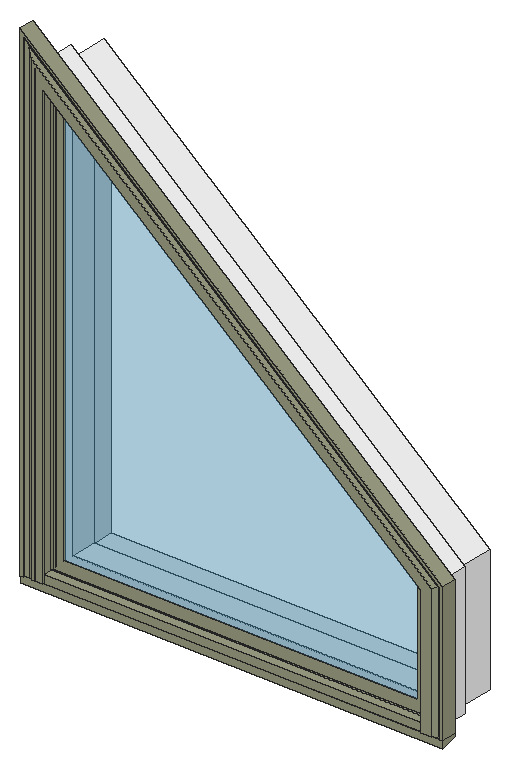
Revit family
Parameters (values of type "Roof Pitch 10/12")
  Type Comments = ""
  SmartBIM Object Version = 1  # constant formula
  SmartBIM Object Created By = "Reed Construction Data"  # constant formula
  Sill Nosing = yes
  Rough Width = Width + 0' 0 1/2"  # 3' - 0 1/2"
  Rough Height = Height + 0' 0 1/2"  # 3' - 4.50629"
  Pitch Height = 1' - 0"
  Model = ""
  Emergency Escape & Rescue Opening = no
  Interior Material = Kolbe Ultra Pure White
  Glass Pane Material = Glass
  Exterior Wall Offset = 0' - 0"
  URL = "http://www.kolbe-kolbe.com/productoverview/index.cfm?page=ultrageometric&source=model"
  Manufacturer = "Kolbe & Kolbe Millwork Co., Inc."  # constant formula
  Height = Calculated Height * tan(Angle)  # 3' - 4.00629"
  Exterior Sash and Grille Material = Kolbe Spiced Vinegar
  Extension Jamb and Trim Material = Kolbe Bay Leaf
  Drip Header = if([2In Brickmould], 0' 1 79/256", 0' 0")  # 0' - 1 79/256"
  Description = "Kolbe Ultra Series Casement Trapezoid 4 Side Direct Set"  # constant formula
  Default Sill Height = 3' - 0"
  Wall Closure = (empty or 0)
  Width = 3' - 0"
  Calculated Height = Width + Pitch Height  # 4' - 0"
  Angle = 39.81°
  95 CSI = "08550"  # constant formula
  04 CSI = "08 52 00"  # constant formula
  Assembly Code = ""
  2In Brickmould = yes
Types (3): name | Rough Height | Height | Angle
  Roof Pitch 10/12 | 3' - 4.50629" | 3' - 4.00629" | 39.81°
  Roof Pitch 12/12 | 4' - 0 1/2" | 4' - 0" | 45.00°
  Roof Pitch 8/12 | 2' - 8.49992" | 2' - 7.99992" | 33.69°
Reference planes (in)
  plane 1 "Center (Front/Back)": y = 0
  plane 2: z = 0
  plane 3 "Sill": z = 36
  plane 4 "Left": x = 273.27729
  plane 5: x = 309.27729
  plane 6: x = 291.27729
  plane 7: z = 76.00629
  plane 8: z = 56.00314
  plane 9: z = 36
  plane 10: z = 48
  plane 11: x = 271.9687
  plane 12: x = 310.58588
  plane 13 "Exterior Wall Offset Plane": y = -3
  plane 14: y = -2.42465
  plane 15: y = -2.29965
  plane 16: y = -3.17465
  plane 17: y = -3.04965
  plane 18: x = 274.46479
Forms (in)
  Sweep 1, solid, material "Kolbe Ultra Pure White" <- "Interior Material"
    path origin (0, -0.25, 0) x (1, 0, 0) y (0, 0, 1)
      loop
        line (273.27729, 78.00472) -> (273.27729, 36) -> (309.27729, 36) -> (309.27729, 48) -> (273.27729, 78.00472)
    profile origin (273.27729, -0.25, 57.00236) x (0, -1, 0) y (1, 0, 0)
      loop
        line (-3.25, 0.3745) -> (0, 0.3745) -> (0, 1.0625) -> (-3.25, 1.0625) -> (-3.25, 0.3745)
  Sweep 2, solid, material "Kolbe Ultra Pure White" <- "Interior Material"
    path origin (0, -3, 0) x (-1, 0, 0) y (0, 0, 1)
      loop
        line (-273.27729, 78.00472) -> (-309.27729, 48) -> (-309.27729, 36) -> (-273.27729, 36) -> (-273.27729, 78.00472)
    profile "Profile-Jamb-Interior : Profile-Jamb-Exterior" origin (273.27729, -3, 57.00236) x (-1, 0, 0) y (0, 1, 0)
      loop
        line (0, 0) -> (0, 2.75) -> (-1.06394, 2.75) -> (-1.06394, 0) -> (0, 0)
  Sweep 3, solid, material "Kolbe Bay Leaf" <- "Extension Jamb and Trim Material"
    path origin (0, -3, 0) x (-1, 0, 0) y (0, 0, 1)
      loop
        line (-273.27729, 78.00472) -> (-309.27729, 48) -> (-309.27729, 36) -> (-273.27729, 36) -> (-273.27729, 78.00472)
    profile "Profile-Jamb-Exterior : Profile-Jamb-Interior" origin (273.27729, -3, 57.00236) x (-1, 0, 0) y (0, 1, 0)
      loop
        line (0, 0) -> (-1.0625, 0) -> (-1.0625, -0.23736) -> (-1.8125, -0.23736) -> (-1.8125, -0.33111) -> (-0.8125, -0.33111) -> (-0.8125, -0.54694) -> (-0.74552, -1.31257) -> (0, -1.31257) -> (0, 0)
  Sweep 4, solid, material "Kolbe Bay Leaf" <- "Extension Jamb and Trim Material", visible <- "2In Brickmould"
    path origin (0, -3, 0) x (-1, 0, 0) y (0, 0, 1)
      loop
        line (-309.27729, 36) -> (-309.27729, 48) -> (-273.27729, 78.00472) -> (-273.27729, 36)
    profile "Profile_Casing-Brickmould-2In_Kolbe : Profile_Casing-Brickmould-2In_Kolbe" origin (273.27729, -3, 57.00236) x (-1, 0, 0) y (0, 1, 0)
      loop
        line (1.30792, 0) -> (0, 0) -> (0, -1.31236) -> (-0.74688, -1.31236) -> (-0.73744, -1.38236) -> (0.24542, -1.38236) -> (0.665, -1.19512) -> (0.99542, -1.31986) -> (0.99542, -1.38236) -> (1.30792, -1.38236) -> (1.30792, 0)
  Sweep 5, solid, material "Kolbe Ultra Pure White" <- "Interior Material"
    path origin (0, -3, 0) x (-1, 0, 0) y (0, 0, 1)
      loop
        line (-273.27729, 78.00472) -> (-309.27729, 48) -> (-309.27729, 36) -> (-273.27729, 36) -> (-273.27729, 78.00472)
    profile "Profile-Jamb-ExteriorStop : Profile-Jamb-ExteriorStop" origin (273.27729, -3, 57.00236) x (-1, 0, 0) y (0, 1, 0)
      loop
        line (-1.81396, 0.70035) -> (-1.06396, 0.70035) -> (-1.06396, 3.07535) -> (-1.81396, 3.07535) -> (-1.81396, 0.70035)
  Extrusion 6, solid, material "Glass"
    sketch origin (0, -3, 0) x (-1, 0, 0) y (0, 0, 1)
      loop
        line (-274.46479, 75.63182) -> (-308.21479, 47.5024) -> (-308.21479, 37.1875) -> (-274.46479, 37.1875) -> (-274.46479, 75.63182)
    from -0.17465 to -0.04965
  Extrusion 7, solid, material "Glass"
    sketch origin (0, -3, 0) x (-1, 0, 0) y (0, 0, 1)
      loop
        line (-308.21479, 47.5024) -> (-308.21479, 37.1875) -> (-274.46479, 37.1875) -> (-274.46479, 75.63182) -> (-308.21479, 47.5024)
    from 0.70035 to 0.57535
  Sweep 8, solid, material "Kolbe Bay Leaf" <- "Extension Jamb and Trim Material", visible <- "Sill Nosing"
    path origin (0, -3, 0) x (-1, 0, 0) y (0, 0, 1)
      loop
        line (-310.58588, 36) -> (-271.9687, 36)
    profile "Sill Nosing : Sill Nosing" origin (291.27729, -3, 36) x (0, 0, 1) y (0, 1, 0)
      loop
        line (0, -1.36696) -> (0, 0) -> (-0.24903, 0) -> (-0.58986, -1.36696) -> (0, -1.36696)
Lines and regions (in)
  Opening 1
    outline origin (-60, -3, 0) x (1, 0, 0) y (0, 0, 1)
      loop
        line (333.27729, 78.00472) -> (333.27729, 36) -> (369.27729, 36) -> (369.27729, 48) -> (333.27729, 78.00472)
Text (in)
  text "EXTERIOR" at (256.93752, -15.69683, 0), in view "Ref. Level"
  text "INTERIOR" at (255.63716, 19.17276, 0), in view "Ref. Level"
  text "Exterior" at (0, -14.04097, 61.57392), in view "Left"
  text "Exterior" at (0, -58.40817, 96.37164), in view "Right"
Dimensions and locks (in)
  equal spacing: plane 5, plane 6, plane 4 "Left"
  "Width": plane 5 to plane 4 "Left"
  equal spacing: plane 7, plane 8, plane 9
  "Height": plane 7 to plane 9
  "Pitch Height": plane 10 to plane 9
  plane 2 to plane 9 = 3' - 0"
  "Drip Header": plane 4 "Left" to plane 11
  "Exterior Wall Offset": plane 13 "Exterior Wall Offset Plane" to host wall
  locked: plane 15 to plane 14 at 0.125
  locked: plane 17 to plane 16 at 0.125
  locked: plane 14 to plane 17 at 0.625
  locked: plane 15 to plane 13 "Exterior Wall Offset Plane" at 0.70035
  "Drip Header": plane 12 to plane 5
  locked: plane 4 "Left" to plane 18 at 1.1875
  locked: Sweep 1 sketch curve to Sweep 1 sketch curve at 0.688
  "Angle": angle Opening 1 sketch curve to plane 10
  aligned and locked: Opening 1 sketch curve to plane 4 "Left"
  aligned and locked: Opening 1 sketch curve to plane 9
  aligned and locked: plane 10 to Opening 1 sketch curve
  aligned and locked: Opening 1 sketch curve to plane 5
  aligned and locked: plane 4 "Left" to Sweep 4 sketch curve
  aligned and locked: plane 5 to Sweep 4 sketch curve
  aligned and locked: Sweep 4 sketch curve to host wall
  aligned and locked: plane 4 "Left" to Sweep 3 sketch curve
  aligned and locked: plane 5 to Sweep 3 sketch curve
  aligned and locked: plane 9 to Sweep 3 sketch curve
  aligned and locked: Sweep 3 sketch curve to host wall
  aligned and locked: plane 4 "Left" to Sweep 2 sketch curve
  aligned and locked: plane 5 to Sweep 2 sketch curve
  aligned and locked: plane 9 to Sweep 2 sketch curve
  aligned and locked: Sweep 2 sketch curve to host wall
  aligned and locked: plane 4 "Left" to Sweep 5 sketch curve
  aligned and locked: plane 5 to Sweep 5 sketch curve
  aligned and locked: plane 9 to Sweep 5 sketch curve
  aligned and locked: Sweep 5 sketch curve to host wall
  aligned and locked: Sweep 1 sketch curve to plane 4 "Left"
  aligned and locked: Sweep 1 sketch curve to plane 5
  aligned and locked: Sweep 1 sketch curve to plane 9
  aligned and locked: Sweep 1 sketch curve to host wall  (x2)
  aligned and locked: plane 2 to level
  aligned and locked: plane 9 to plane 3 "Sill"
  aligned and locked: level to host wall
  aligned and locked: plane 9 to Sweep 4 sketch curve  (x2)
  aligned and locked: Extrusion 7 to Extrusion 6
  aligned and locked: plane 9 to Sweep 8 sketch curve
  aligned and locked: plane 11 to Sweep 8 sketch curve
  aligned and locked: plane 12 to Sweep 8 sketch curve
  aligned and locked: plane 17 to Extrusion 6
  aligned and locked: Extrusion 6 to plane 16
  aligned and locked: Extrusion 7 to plane 14
  aligned and locked: plane 15 to Extrusion 7
  aligned and locked: Extrusion 6 to plane 18
  aligned and locked: Extrusion 6 sketch curve to plane 18
  aligned and locked: Sweep 2 to Sweep 1 sketch curve
  aligned and locked: Extrusion 6 sketch curve to Sweep 3
  aligned and locked: Extrusion 7 sketch curve to Sweep 3  (x2)
  aligned and locked: Extrusion 7 sketch curve to plane 18
Automatic sketch dimensions
  Extrusion 7 sketch curve to plane 3 "Sill" = 0' - 1 3/16"
  Extrusion 6 sketch curve to plane 3 "Sill" = 0' - 1 3/16"
  Extrusion 6 sketch curve to plane 10 = 0' - 0.4976"
  Sweep 1 sketch curve to profile plane = 0' - 0.3745"
